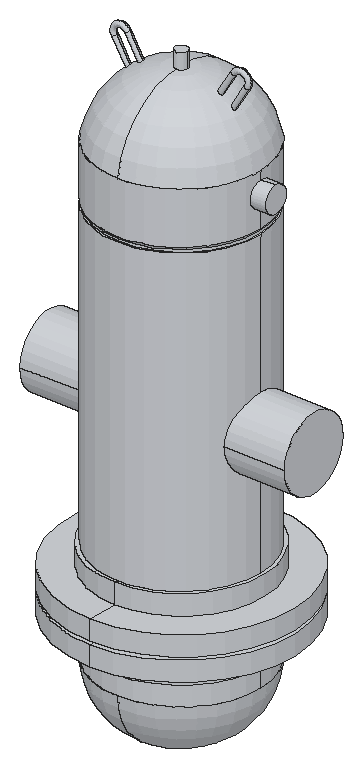
Revit family "WVA-3-NPT", category Mechanical Equipment, Revit 2014
Parameters (values of type "WVA-3")
  SideDrainExtrusion = CylinderHalfLength * 0.13123  # 0.72177"
  PipeConnectorDiameter = 3"
  PartNumber = "72080031"
  MaximumOperatingTemperature = "240°F"
  MaximumOperatingPressure = "125 PSIG"
  MaximumFlow = "144 GPM"
  HookWidth = 3/4"
  SideFlangeThickness1 = 71/256"
  SideFlangeThickness = 111/128"
  LeftHookDistance = 0.35916"
  TopExtrusionDiameter = A * 0.1111  # 1.2221"
  SideFlangeStep2 = 7 123/256"
  SideFlangeStep1 = 4 65/256"
  PipeDiameter = 3 1/2"
  HookTopDistance = B * 0.01386  # 0.40194"
  HookDistance = A * 0.19597  # 2.15567"
  URL = "http://westank.com/"
  TotalHeight = B * 0.1364  # 3.9556"
  Step5Diameter = A * 0.21818  # 2.39999"
  Step4Diameter = A * 0.25455  # 2.8"
  Step3Diameter = A * 0.18182  # 2.00002"
  Step2Diameter = A * 0.10909  # 1.19999"
  Step1Diameter = A * 0.05454  # 0.59994"
  RingDistance = B * 0.19599  # 5.68371"
  RevolveRadius = CylindarDia / 2  # 3.85"
  Model = "WVA-3-NPT"
  Manufacturer = "Wessels Company"
  HookDiameter = A * 0.0223  # 0.2453"
  Height2 = B * 0.00547  # 0.15863"
  Height1 = B * 0.03268  # 0.94772"
  D = 14 1/2"
  CylinderHeight = B * 0.781  # 22.649"
  CylinderHalfLength = A / 2  # 5 1/2"
  CouplingHeight = B * 0.15525  # 4.50225"
  C = 12 3/4"
  BottomRevolveHeight = B * 0.10886  # 3.15694"
  BottomExtrusionHeight = B * 0.01095  # 0.31755"
  B = 29"
  CylindarDia = A * 0.7  # 7.7"
  NumberOfArray = 9
  ArrayRadius = CylindarDia * 0.62598  # 4.82008"
  ApproximateShipmentWeight = "130 lbs"
  A = 11"
Reference planes (in)
  plane 1: z = 0
  plane 2 "Center (Left/Right)": x = 0
  plane 3: x = -3.85
  plane 4: y = 1.09449
  plane 5: y = -2.75551
  plane 6: x = 3.85
  plane 7: z = 29
  plane 8: z = 14.5
  plane 9: y = -6.60551
  plane 10: z = 25.8245
  plane 11: z = 3.1755
  plane 12: y = -3.25551
  plane 13: y = -2.25551
  plane 14: z = 25.33017
  plane 15: z = 24.33017
  plane 16: z = 24.83017
  plane 17: z = 23.31629
  plane 18: z = 23.06629
  plane 19: x = 0
  plane 20: z = 3.67159
  plane 21: y = -8.25551
  plane 22: y = 2.74449
  plane 23: x = 4.35
  plane 24: z = 4.08442
  plane 25: z = 0.31755
  plane 26: z = 3.47449
  plane 27: y = -2.15551
  plane 28: y = -3.35551
  plane 29: x = -6.375
  plane 30: x = 6.375
  plane 31: z = 14.5
  plane 32: x = 2
  plane 33: x = -2.03354
Forms (in)
  Extrusion 1, solid
    sketch origin (0, 0, 0) x (1, 0, 0) y (0, 1, 0)
      loop
        circle (0, -2.75551) r 3.85
    from 3.47449 to 25.8245
  Revolve 2, solid
    sketch origin (0, 0, 0) x (0, 1, 0) y (0, 0, 1)
      loop
        line (-2.75551, 25.8245) -> (-2.75551, 29)
        arc (-2.75551, 29) -> (-5.28701, 28.14758) -> (-6.60551, 25.8245) r 3.7428
        line (-6.60551, 25.8245) -> (-2.75551, 25.8245)
      axis (-2.75551, 29) -> (-2.75551, 25.8245)
    angle from 0 to 360
  Revolve 3, solid
    sketch origin (0, 0, 23) x (0, 1, 0) y (0, 0, 1)
      loop
        line (-2.75551, -19.52551) -> (-6.60551, -19.52551)
        arc (-6.60551, -19.52551) -> (-5.38459, -21.96262) -> (-2.75551, -22.68245) r 3.34572
        line (-2.75551, -22.68245) -> (-2.75551, -19.52551)
      axis (-2.75551, -22.68245) -> (-2.75551, -19.52551)
    angle from 0 to 360
  Extrusion 4, solid
    sketch origin (5.5, -180, 55.70663) x (0, 0, 1) y (0, -1, 0)
      loop
        circle (-30.87646, -177.24449) r 0.61105
    from -0.92823 to -2.02266
  Revolve 5, void
    sketch origin (0, 0, 0) x (0, 1, 0) y (0, 0, 1)
      loop
        line (1.14136, 23.38323) -> (1.00252, 23.18495) -> (1.00252, 23.06629) -> (1.14136, 23.06629) -> (1.14136, 23.38323)
      axis (-2.75551, 23.38323) -> (-2.75551, 23.06629)
    angle from 0 to 360
  Revolve 6, solid
    sketch origin (0, 0, 0) x (0, 1, 0) y (0, 0, 1)
      loop
        line (1.27519, 5.44997) -> (2.74449, 5.44997) -> (2.74449, 6.39769) -> (1.69769, 6.39769) -> (1.69769, 6.55632) -> (2.74449, 6.55632) -> (2.74449, 7.50404) -> (1.27519, 7.50404) -> (1.27519, 8.45785) -> (1.09449, 8.45785) -> (1.09449, 4.50225) -> (1.27519, 4.50225) -> (1.27519, 5.44997)
      axis (-2.75551, 8.45785) -> (-2.75551, 4.50225)
    angle from 0 to 360
  Extrusion 7, solid
    sketch origin (0, 0, 0) x (1, 0, 0) y (0, 1, 0)
      loop
        circle (0, -2.75551) r 0.29997
    from 0 to 0.31755
  Extrusion 8, solid
    sketch origin (0, 0, 0) x (0, 1, 0) y (0, 0, 1)
      loop
        circle (-2.75551, 14.5) r 1.75
    from -6.375 to 6.375
  Extrusion 9, solid
    sketch origin (-60.41868, -180, 29) x (-1, 0, 0) y (0, -1, 0)
      loop
        circle (-60.41868, -177.24449) r 0.29997
    from 0 to 0.71071
  Sweep 10, solid
    path origin (-4.55657, 1.41777, 140.30709) x (0.511423, -0.004133, 0.859319) y (0.859326, 0.004876, -0.511404)
      loop
        line (-92.98541, 62.71114) -> (-91.46355, 62.71114)
        arc (-91.46355, 62.71114) -> (-91.08855, 63.08614) -> (-91.46355, 63.46114) r 0.375
        line (-91.46355, 63.46114) -> (-92.98541, 63.46114)
    profile origin (2.16704, 2.1047, 28.9861) x (0.859326, 0.004876, -0.511404) y (-0.002077, 0.99998, 0.006045)
      loop
        circle (0, -4.875) r 0.12265
  Sweep 11, solid
    path origin (4.55657, 1.41777, 140.30709) x (-0.511423, -0.004133, 0.859319) y (0.859326, -0.004876, 0.511404)
      loop
        line (-92.98541, -62.71114) -> (-91.46355, -62.71114)
        arc (-91.46355, -62.71114) -> (-91.08855, -63.08614) -> (-91.46355, -63.46114) r 0.375
        line (-91.46355, -63.46114) -> (-92.98541, -63.46114)
    profile origin (-2.16704, 2.1047, 28.9861) x (0.859326, -0.004876, 0.511404) y (0.002077, 0.99998, 0.006045)
      loop
        circle (0, -4.875) r 0.12265
Cuts and joins
  Revolve 5 cuts Extrusion 1
  joined: Extrusion 1, Extrusion 4, Revolve 6, Extrusion 8
  joined: Revolve 2, Sweep 10, Sweep 11
Dimensions and locks (in)
  equal spacing: plane 6, plane 2 "Center (Left/Right)", plane 3
  "CylindarDia": plane 6 to plane 3
  equal spacing: plane 7, plane 8, level
  "B": plane 7 to level
  equal spacing: plane 3, plane 2 "Center (Left/Right)", plane 6
  plane 3 to plane 6 = 7.7"
  equal spacing: plane 4, plane 5, plane 9
  plane 4 to plane 9 = 7.7"
  "RevolveRadius": plane 9 to plane 5
  equal spacing: plane 10, plane 8, plane 11
  "CylinderHeight": plane 10 to plane 11
  equal spacing: plane 12, plane 5, plane 13
  plane 12 to plane 13 = 1"
  plane 14 to plane 15 = 1"
  equal spacing: plane 14, plane 16, plane 15
  plane 10 to plane 14 = 0.49433"
  locked: Extrusion 4 sketch curve to plane 5
  locked: Extrusion 4 sketch curve to plane 16 at 0
  locked: Revolve 5 sketch curve to Revolve 5 sketch curve at 0.13884
  locked: plane 17 to plane 18 at 0.25
  "RingDistance": plane 7 to plane 17
  locked: plane 20 to plane 11 at 0.49609
  equal spacing: plane 21, plane 5, plane 22
  "A": plane 21 to plane 22
  locked: plane 23 to plane 6 at 0.5
  Revolve 6 to plane 24 = 1.36555"
  "Height1": Revolve 6 sketch curve to Revolve 6 sketch curve  (x3)
  "Height2": Revolve 6 sketch curve to Revolve 6 sketch curve
  "TotalHeight": Revolve 6 sketch curve to Revolve 6 sketch curve
  "CouplingHeight": level to Revolve 6 sketch curve
  equal spacing: plane 28, plane 5, plane 27
  equal spacing: plane 30, plane 2 "Center (Left/Right)", plane 29
  "C": plane 30 to plane 29
  "D": plane 31 to level
  locked: plane 19 to Extrusion 9 sketch curve at 0
  locked: plane 5 to Extrusion 9 sketch curve at 0
  "BottomExtrusionHeight": plane 25 to level
  "BottomRevolveHeight": plane 26 to plane 25
  locked: plane 19 to Extrusion 7 sketch curve at 0
  locked: Extrusion 7 sketch curve to plane 5 at 0
  plane 32 to plane 19 to plane 33 = 2", 2.03354"
  "SideDrainExtrusion": Extrusion 4 to plane 6
  "HookWidth": Sweep 10 sketch curve to Sweep 10 sketch curve
  "HookWidth": Sweep 11 sketch curve to Sweep 11 sketch curve
  "CylindarDia": diameter of Extrusion 1 sketch curve
  "TopExtrusionDiameter": diameter of Extrusion 4 sketch curve
  "Step1Diameter": diameter of Extrusion 9 sketch curve
  "PipeDiameter": diameter of Extrusion 8 sketch curve
  "Step1Diameter": diameter of Extrusion 7 sketch curve
  "HookDiameter": diameter of Sweep 10 sketch curve
  "HookDiameter": diameter of Sweep 11 sketch curve
  aligned and locked: level to plane 1
  aligned and locked: Revolve 2 sketch curve to Extrusion 1
  aligned and locked: plane 5 to Revolve 2 sketch curve  (x2)
  aligned and locked: Revolve 2 sketch curve to plane 5
  aligned and locked: Revolve 3 sketch curve to Extrusion 1
  aligned and locked: plane 5 to Revolve 3 sketch curve
  aligned and locked: plane 9 to Revolve 3 sketch curve
  aligned and locked: plane 9 to Revolve 2 sketch curve
  aligned and locked: plane 10 to Extrusion 1
  aligned and locked: Revolve 5 sketch curve to plane 18
  aligned and locked: plane 19 to plane 2 "Center (Left/Right)"
  aligned and locked: Revolve 6 sketch curve to Revolve 6 sketch curve
  aligned and locked: Revolve 6 sketch curve to plane 4
  aligned and locked: Revolve 6 sketch curve to plane 5
  aligned and locked: plane 22 to Revolve 6 sketch curve
  aligned and locked: Revolve 5 sketch curve to plane 5
  aligned and locked: Extrusion 1 to plane 26
  aligned and locked: plane 25 to Extrusion 7
  aligned and locked: Extrusion 7 to level
  aligned and locked: Extrusion 9 to plane 7
  aligned and locked: cut or joined group of Extrusion 1, Extrusion 4, Revolve 5, Revolve 6, Extrusion 8 to plane 29
  aligned and locked: plane 30 to cut or joined group of Extrusion 1, Extrusion 4, Revolve 5, Revolve 6, Extrusion 8
Automatic sketch dimensions
  Revolve 3 sketch curve to plane 5 = 0"
  Revolve 3 sketch curve to plane 25 = 0"  (x2)
  Revolve 3 sketch curve to plane 26 = 0"
  Revolve 3 sketch curve to plane 12 = 0.00764"
  Revolve 5 sketch curve to plane 4 = 0.09196"
  plane 18 to Revolve 5 sketch curve = 0.11866"
  plane 17 to Revolve 5 sketch curve = 0.06694"
  Revolve 5 sketch curve to level = 12"
  Revolve 2 sketch curve to plane 10 = 0"
  Revolve 2 sketch curve to plane 7 = 0"
  Revolve 2 sketch curve to plane 14 = 0.06996"
  plane 7 to Revolve 2 sketch curve = 2.7327"
  plane 7 to Revolve 5 sketch curve = 72 7/8"
  Extrusion 1 sketch curve to plane 2 "Center (Left/Right)" = 0"
  Extrusion 1 sketch curve to plane 5 = 0"
  Revolve 6 sketch curve to plane 4 = 0"
  Revolve 6 sketch curve to Revolve 6 sketch curve = 0.1807"  (x2)
  plane 4 to Revolve 6 sketch curve = 0.6032"
  Revolve 6 sketch curve to level = 12"
  plane 7 to Revolve 6 sketch curve = 73"
  Extrusion 8 sketch curve to plane 5 = 0"
  Extrusion 8 sketch curve to plane 8 = 0"
  Sweep 10 sketch curve to Sweep 10 sketch curve = 1.52185"
  Sweep 10 sketch curve to Sweep 10 sketch curve = 0"
  profile plane to Sweep 10 sketch curve = 0"
  Sweep 10 sketch curve to profile plane = 4 7/8"
  Sweep 11 sketch curve to Sweep 11 sketch curve = 1.52185"
  Sweep 11 sketch curve to Sweep 11 sketch curve = 0"
  Sweep 11 sketch curve to profile plane = 0"
  Sweep 11 sketch curve to profile plane = 4 7/8"
Connectors (in)
  piping at (-6.375, -2.75551, 14.5), diameter 3, driven by "PipeConnectorDiameter"
    settings: on cut or joined group of Extrusion 1, Extrusion 4, Revolve 5, Revolve 6, Extrusion 8, index 1, connector inside diameter 24", connector length 0", flow factor 0, pipe flow 0 GPM, pressure drop 0.00 psi, fitting loss kfactor 0, connector angle 0.00°, fixture units 0, engagement length 0", angle of deflection 0.00°, flow configuration 0, flow direction 0, fitting loss method 0, system type 7, joint type 0, gender type 0, connector reference index -1, connector utility 0, adjustable connector no, is connector primary yes, connector description ""
  piping at (6.375, -2.75551, 14.5), diameter 3, driven by "PipeConnectorDiameter"
    settings: on cut or joined group of Extrusion 1, Extrusion 4, Revolve 5, Revolve 6, Extrusion 8, index 2, connector inside diameter 24", connector length 0", flow factor 0, pipe flow 0 GPM, pressure drop 0.00 psi, fitting loss kfactor 0, connector angle 0.00°, fixture units 0, engagement length 0", angle of deflection 0.00°, flow configuration 0, flow direction 0, fitting loss method 0, system type 7, joint type 0, gender type 0, connector reference index -1, connector utility 0, adjustable connector no, is connector primary no, connector description ""
